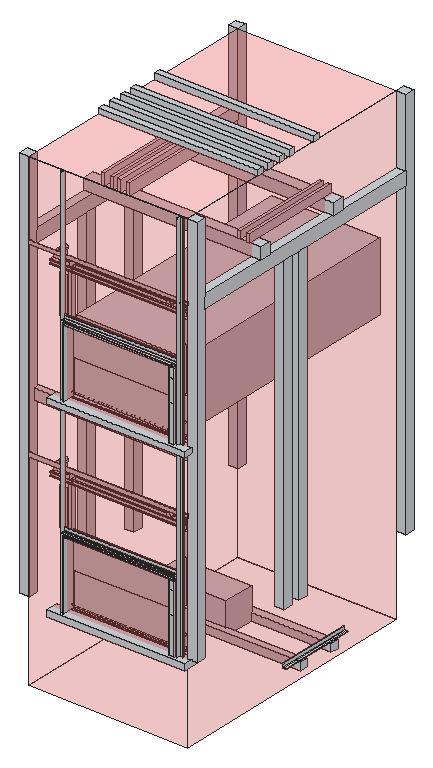
Revit family "SC2600-2U-1方向", category 一般モデル, Revit 2018
Family settings
  鉄筋をホスト可能 = いいえ
  丸型コネクタ寸法 = 直径を使用
  パーツ タイプ = 標準
  作業面ベース = いいえ
  常に垂直 = はい
  ロード時にボイドで切り取り = いいえ
  共有 = いいえ
  部屋計算ポイント = いいえ
Parameters
  昇降行程 = 5000 mm
Reference planes
  plane 1 "レール芯": y = 0
  plane 2 "最下階FL": z = 0
  plane 3 "かご芯": x = 0
  plane 4: z = 5000
  plane 5 "ピット底面": z = -2100
  plane 6: z = 10350
  plane 7: z = 1800
Forms (mm)
  Extrusion 1, solid
    sketch origin (-115, 140, 0) x (1, 0, 0) y (0, 1, 0)
      loop
        line (-2270, 3495) -> (-2270, -3375) -> (1900, -3375) -> (1900, 3495) -> (-2270, 3495)
    from -2100 to 10350
  Extrusion 2, solid
    sketch origin (-188.849, -187.656, 5000) x (1, 0, 0) y (0, 1, 0)
      loop
        line (-1231.151, 3722.656) -> (-1231.151, -2667.344) -> (1608.849, -2667.344) -> (1608.849, 3722.656) -> (-1231.151, 3722.656)
    from 0 to 1800
  Extrusion 3, solid
    sketch origin (-1004.116, 224.003, 75) x (1, 0, 0) y (0, 1, 0)
      loop
        line (-1050.884, 1090.997) -> (-1050.884, 260.997) -> (829.116, 260.997) -> (829.116, 1090.997) -> (-1050.884, 1090.997)
    from -1850 to -1029.5
  Extrusion 4, solid
    sketch origin (-180.164, -13.256, 0) x (1, 0, 0) y (0, 1, 0)
      loop
        line (1965.164, 388.256) -> (1965.164, 138.256) -> (2215.164, 138.256) -> (2215.164, 388.256) -> (1965.164, 388.256)
    from 0 to 8210
  Extrusion 5, solid
    sketch origin (-180.164, -413.256, 0) x (1, 0, 0) y (0, 1, 0)
      loop
        line (1965.164, 288.256) -> (1965.164, 38.256) -> (2215.164, 38.256) -> (2215.164, 288.256) -> (1965.164, 288.256)
    from 0 to 8210
  Extrusion 6, solid
    sketch origin (398.997, -101.31, 0) x (1, 0, 0) y (0, 1, 0)
      loop
        line (-3033.997, 581.31) -> (-3033.997, 331.31) -> (-2783.997, 331.31) -> (-2783.997, 581.31) -> (-3033.997, 581.31)
    from 0 to 8210
  Extrusion 7, solid
    sketch origin (398.997, -1551.31, 0) x (1, 0, 0) y (0, 1, 0)
      loop
        line (-3033.997, 481.31) -> (-3033.997, 231.31) -> (-2783.997, 231.31) -> (-2783.997, 481.31) -> (-3033.997, 481.31)
    from 0 to 8210
  Extrusion 8, solid
    sketch origin (0, -154.792, -183.066) x (0, 1, 0) y (0, 0, 1)
      loop
        line (279.792, 10683.066) -> (279.792, 10533.066) -> (429.792, 10533.066) -> (429.792, 10683.066) -> (279.792, 10683.066)
    from -2385 to 1785
  Extrusion 9, solid
    sketch origin (0, -494.792, -183.066) x (0, 1, 0) y (0, 0, 1)
      loop
        line (279.792, 10683.066) -> (279.792, 10533.066) -> (429.792, 10533.066) -> (429.792, 10683.066) -> (279.792, 10683.066)
    from -2385 to 1785
  Extrusion 10, solid
    sketch origin (0, -859.792, -183.066) x (0, 1, 0) y (0, 0, 1)
      loop
        line (279.792, 10683.066) -> (279.792, 10533.066) -> (429.792, 10533.066) -> (429.792, 10683.066) -> (279.792, 10683.066)
    from -2385 to 1785
  Extrusion 11, solid
    sketch origin (0, 635.208, -183.066) x (0, 1, 0) y (0, 0, 1)
      loop
        line (279.792, 10683.066) -> (279.792, 10533.066) -> (429.792, 10533.066) -> (429.792, 10683.066) -> (279.792, 10683.066)
    from -2385 to 1785
  Extrusion 12, solid
    sketch origin (0, -2237.235, 116.596) x (0, 1, 0) y (0, 0, 1)
      loop
        line (-827.765, 4733.404) -> (-827.765, 4433.404) -> (-677.765, 4433.404) -> (-677.765, 4733.404) -> (-827.765, 4733.404)
    from -2385 to 1785
  Extrusion 13, solid
    sketch origin (122.648, -2138.415, 0) x (-1, 0, 0) y (0, -1, 0)
      loop
        line (-1452.352, 1086.585) -> (-1452.352, 1186.585) -> (-1455.352, 1186.585)
        arc (-1455.352, 1186.585) -> (-1460.302, 1184.535) -> (-1462.352, 1179.585) r 7
        line (-1462.352, 1179.585) -> (-1462.352, 1106.585)
        arc (-1462.352, 1106.585) -> (-1465.281, 1099.514) -> (-1472.352, 1096.585) r 10
        line (-1472.352, 1096.585) -> (-1545.352, 1096.585)
        arc (-1545.352, 1096.585) -> (-1550.302, 1094.535) -> (-1552.352, 1089.585) r 7
        line (-1552.352, 1089.585) -> (-1552.352, 1086.585) -> (-1452.352, 1086.585)
    from 0 to 4850
  Extrusion 14, solid
    sketch origin (77.352, -2138.415, 0) x (1, 0, 0) y (0, 1, 0)
      loop
        line (-1625.352, -1096.585) -> (-1552.352, -1096.585)
        arc (-1552.352, -1096.585) -> (-1545.281, -1099.514) -> (-1542.352, -1106.585) r 10
        line (-1542.352, -1106.585) -> (-1542.352, -1179.585)
        arc (-1542.352, -1179.585) -> (-1540.302, -1184.535) -> (-1535.352, -1186.585) r 7
        line (-1535.352, -1186.585) -> (-1532.352, -1186.585) -> (-1532.352, -1086.585) -> (-1632.352, -1086.585) -> (-1632.352, -1089.585)
        arc (-1632.352, -1089.585) -> (-1630.302, -1094.535) -> (-1625.352, -1096.585) r 7
    from 0 to 4850
  Extrusion 15, solid
    sketch origin (322.648, -2138.415, 5000) x (-1, 0, 0) y (0, -1, 0)
      loop
        arc (-1262.352, 1106.585) -> (-1265.281, 1099.514) -> (-1272.352, 1096.585) r 10
        line (-1272.352, 1096.585) -> (-1345.352, 1096.585)
        arc (-1345.352, 1096.585) -> (-1350.302, 1094.535) -> (-1352.352, 1089.585) r 7
        line (-1352.352, 1089.585) -> (-1352.352, 1086.585) -> (-1252.352, 1086.585) -> (-1252.352, 1186.585) -> (-1255.352, 1186.585)
        arc (-1255.352, 1186.585) -> (-1260.302, 1184.535) -> (-1262.352, 1179.585) r 7
        line (-1262.352, 1179.585) -> (-1262.352, 1106.585)
    from 0 to 5350
  Extrusion 16, solid
    sketch origin (77.352, -2138.415, 5000) x (1, 0, 0) y (0, 1, 0)
      loop
        line (-1625.352, -1096.585) -> (-1552.352, -1096.585)
        arc (-1552.352, -1096.585) -> (-1545.281, -1099.514) -> (-1542.352, -1106.585) r 10
        line (-1542.352, -1106.585) -> (-1542.352, -1179.585)
        arc (-1542.352, -1179.585) -> (-1540.302, -1184.535) -> (-1535.352, -1186.585) r 7
        line (-1535.352, -1186.585) -> (-1532.352, -1186.585) -> (-1532.352, -1086.585) -> (-1632.352, -1086.585) -> (-1632.352, -1089.585)
        arc (-1632.352, -1089.585) -> (-1630.302, -1094.535) -> (-1625.352, -1096.585) r 7
    from 0 to 5350
  Extrusion 17, solid
    sketch origin (90, -5472.272, 1335.614) x (0, 0, -1) y (0, 1, 0)
      loop
        arc (-554.386, 2154.272) -> (-552.335, 2149.322) -> (-547.386, 2147.272) r 7
        line (-547.386, 2147.272) -> (-544.386, 2147.272) -> (-544.386, 2247.272) -> (-644.386, 2247.272) -> (-644.386, 2244.272)
        arc (-644.386, 2244.272) -> (-642.335, 2239.322) -> (-637.386, 2237.272) r 7
        line (-637.386, 2237.272) -> (-564.386, 2237.272)
        arc (-564.386, 2237.272) -> (-557.315, 2234.343) -> (-554.386, 2227.272) r 10
        line (-554.386, 2227.272) -> (-554.386, 2154.272)
    from -1545 to 1485
  Extrusion 18, solid
    sketch origin (398.997, 3303.69, 0) x (1, 0, 0) y (0, 1, 0)
      loop
        line (-3033.997, 581.31) -> (-3033.997, 331.31) -> (-2783.997, 331.31) -> (-2783.997, 581.31) -> (-3033.997, 581.31)
    from 0 to 10350
  Extrusion 19, solid
    sketch origin (24.836, 3496.744, 0) x (1, 0, 0) y (0, 1, 0)
      loop
        line (1760.164, 388.256) -> (1760.164, 138.256) -> (2010.164, 138.256) -> (2010.164, 388.256) -> (1760.164, 388.256)
    from 0 to 10350
  Extrusion 20, solid
    sketch origin (398.997, -3441.31, 0) x (1, 0, 0) y (0, 1, 0)
      loop
        line (-3033.997, 481.31) -> (-3033.997, 231.31) -> (-2783.997, 231.31) -> (-2783.997, 481.31) -> (-3033.997, 481.31)
    from 0 to 10350
  Extrusion 21, solid
    sketch origin (24.836, -3248.256, 0) x (1, 0, 0) y (0, 1, 0)
      loop
        line (1760.164, 288.256) -> (1760.164, 38.256) -> (2010.164, 38.256) -> (2010.164, 288.256) -> (1760.164, 288.256)
    from 0 to 10350
  Extrusion 22, solid
    sketch origin (150, 2016.904, 19.994) x (0, 1, 0) y (0, 0, 1)
      loop
        line (-716.904, -1594.994) -> (-716.904, -1794.994) -> (-516.904, -1794.994) -> (-516.904, -1594.994) -> (-716.904, -1594.994)
    from -2685 to 1785
  Extrusion 23, solid
    sketch origin (150, 1016.904, 19.994) x (0, 1, 0) y (0, 0, 1)
      loop
        line (-716.904, -1594.994) -> (-716.904, -1794.994) -> (-516.904, -1794.994) -> (-516.904, -1594.994) -> (-716.904, -1594.994)
    from -2685 to 1785
  Extrusion 24, solid
    sketch origin (0, -1199.792, -183.066) x (0, 1, 0) y (0, 0, 1)
      loop
        line (279.792, 10683.066) -> (279.792, 10533.066) -> (429.792, 10533.066) -> (429.792, 10683.066) -> (279.792, 10683.066)
    from -2385 to 1785
  Extrusion 25, solid
    sketch origin (0, 466.791, -436.921) x (0, 1, 0) y (0, 0, 1)
      loop
        line (798.209, 9286.921) -> (798.209, 8986.921) -> (1098.209, 8986.921) -> (1098.209, 9286.921) -> (798.209, 9286.921)
    from -2635 to 2035
  Extrusion 26, solid
    sketch origin (0, -1873.209, -436.921) x (0, 1, 0) y (0, 0, 1)
      loop
        line (748.209, 9286.921) -> (748.209, 8986.921) -> (1048.209, 8986.921) -> (1048.209, 9286.921) -> (748.209, 9286.921)
    from -2635 to 2035
  Extrusion 27, solid
    sketch origin (112.993, 0, -304.556) x (1, 0, 0) y (0, 0, 1)
      loop
        line (1672.007, 8854.556) -> (1672.007, 8514.556) -> (1922.007, 8514.556) -> (1922.007, 8854.556) -> (1672.007, 8854.556)
    from -3635 to 2960
  Extrusion 28, solid
    sketch origin (-4307.007, 0, -504.556) x (1, 0, 0) y (0, 0, 1)
      loop
        line (1672.007, 9054.556) -> (1672.007, 8714.556) -> (1922.007, 8714.556) -> (1922.007, 9054.556) -> (1672.007, 9054.556)
    from -3635 to 2960
  Extrusion 29, solid
    sketch origin (90, -5472.272, 5285.614) x (0, 0, -1) y (0, 1, 0)
      loop
        arc (-1604.386, 2154.272) -> (-1602.335, 2149.322) -> (-1597.386, 2147.272) r 7
        line (-1597.386, 2147.272) -> (-1594.386, 2147.272) -> (-1594.386, 2247.272) -> (-1694.386, 2247.272) -> (-1694.386, 2244.272)
        arc (-1694.386, 2244.272) -> (-1692.335, 2239.322) -> (-1687.386, 2237.272) r 7
        line (-1687.386, 2237.272) -> (-1614.386, 2237.272)
        arc (-1614.386, 2237.272) -> (-1607.315, 2234.343) -> (-1604.386, 2227.272) r 10
        line (-1604.386, 2227.272) -> (-1604.386, 2154.272)
    from -1545 to 1485
  Extrusion 30, solid
    sketch origin (0, -1117.728, 5470.614) x (0, 0, -1) y (0, 1, 0)
      loop
        line (-2839.386, -2014.272) -> (-2839.386, -2087.272)
        arc (-2839.386, -2087.272) -> (-2842.315, -2094.343) -> (-2849.386, -2097.272) r 10
        line (-2849.386, -2097.272) -> (-2922.386, -2097.272)
        arc (-2922.386, -2097.272) -> (-2927.335, -2099.322) -> (-2929.386, -2104.272) r 7
        line (-2929.386, -2104.272) -> (-2929.386, -2107.272) -> (-2829.386, -2107.272) -> (-2829.386, -2007.272) -> (-2832.386, -2007.272)
        arc (-2832.386, -2007.272) -> (-2837.335, -2009.322) -> (-2839.386, -2014.272) r 7
    from -2385 to 1785
  Extrusion 31, solid
    sketch origin (-193.115, 1900, 0) x (1, 0, 0) y (0, 0, 1)
      loop
        line (-2201.885, -1482) -> (-2201.885, -1555)
        arc (-2201.885, -1555) -> (-2204.814, -1562.071) -> (-2211.885, -1565) r 10
        line (-2211.885, -1565) -> (-2284.885, -1565)
        arc (-2284.885, -1565) -> (-2289.835, -1567.05) -> (-2291.885, -1572) r 7
        line (-2291.885, -1572) -> (-2291.885, -1575) -> (-2191.885, -1575) -> (-2191.885, -1475) -> (-2194.885, -1475)
        arc (-2194.885, -1475) -> (-2199.835, -1477.05) -> (-2201.885, -1482) r 7
    from 5 to 2000
  Extrusion 32, solid
    sketch origin (-406.885, 1900, 0) x (-1, 0, 0) y (0, 0, -1)
      loop
        arc (-2201.885, 1482) -> (-2199.835, 1477.05) -> (-2194.885, 1475) r 7
        line (-2194.885, 1475) -> (-2191.885, 1475) -> (-2191.885, 1575) -> (-2291.885, 1575) -> (-2291.885, 1572)
        arc (-2291.885, 1572) -> (-2289.835, 1567.05) -> (-2284.885, 1565) r 7
        line (-2284.885, 1565) -> (-2211.885, 1565)
        arc (-2211.885, 1565) -> (-2204.814, 1562.071) -> (-2201.885, 1555) r 10
        line (-2201.885, 1555) -> (-2201.885, 1482)
    from 5 to 2000
  Extrusion 33, solid
    sketch origin (-632.393, 0, -591.596) x (1, 0, 0) y (0, 0, 1)
      loop
        line (2277.393, 9641.596) -> (2277.393, 9441.596) -> (2357.393, 9441.596) -> (2357.393, 9641.596) -> (2277.393, 9641.596)
    from -1565 to 1125
  Extrusion 34, solid
    sketch origin (-862.393, 0, -591.596) x (1, 0, 0) y (0, 0, 1)
      loop
        line (2277.393, 9641.596) -> (2277.393, 9441.596) -> (2357.393, 9441.596) -> (2357.393, 9641.596) -> (2277.393, 9641.596)
    from -1565 to 1125
  Extrusion 35, solid
    sketch origin (-356.32, 0, -654.523) x (1, 0, 0) y (0, 0, 1)
      loop
        line (-1798.68, 9804.523) -> (-1798.68, 9504.523) -> (-1708.68, 9504.523) -> (-1708.68, 9804.523) -> (-1798.68, 9804.523)
    from -1565 to 1125
  Extrusion 36, solid
    sketch origin (-116.32, 0, -654.523) x (1, 0, 0) y (0, 0, 1)
      loop
        line (-1798.68, 9804.523) -> (-1798.68, 9504.523) -> (-1708.68, 9504.523) -> (-1708.68, 9804.523) -> (-1798.68, 9804.523)
    from -1565 to 1125
  Extrusion 37, solid
    sketch origin (63.68, 0, -654.523) x (1, 0, 0) y (0, 0, 1)
      loop
        line (-1798.68, 9804.523) -> (-1798.68, 9504.523) -> (-1708.68, 9504.523) -> (-1708.68, 9804.523) -> (-1798.68, 9804.523)
    from -1565 to 1125
  Extrusion 38, solid
    sketch origin (303.68, 0, -654.523) x (1, 0, 0) y (0, 0, 1)
      loop
        line (-1798.68, 9804.523) -> (-1798.68, 9504.523) -> (-1708.68, 9504.523) -> (-1708.68, 9804.523) -> (-1798.68, 9804.523)
    from -1565 to 1125
  Extrusion 39, solid
    sketch origin (90, -977.728, 2755.614) x (0, 0, -1) y (0, 1, 0)
      loop
        line (-554.386, -2154.272) -> (-554.386, -2227.272)
        arc (-554.386, -2227.272) -> (-557.315, -2234.343) -> (-564.386, -2237.272) r 10
        line (-564.386, -2237.272) -> (-637.386, -2237.272)
        arc (-637.386, -2237.272) -> (-642.335, -2239.322) -> (-644.386, -2244.272) r 7
        line (-644.386, -2244.272) -> (-644.386, -2247.272) -> (-544.386, -2247.272) -> (-544.386, -2147.272) -> (-547.386, -2147.272)
        arc (-547.386, -2147.272) -> (-552.335, -2149.322) -> (-554.386, -2154.272) r 7
    from -2475 to 1695
Dimensions and locks
  "昇降行程": plane 4 to plane 2 "最下階FL"
  locked: plane 6 to plane 4 at 5350
  locked: Extrusion 2 to plane 4 at 1800
  locked: plane 4 to Extrusion 13 at 150
  locked: Extrusion 27 to plane 4 at 3210
  aligned and locked: level to plane 2 "最下階FL"
  aligned and locked: Extrusion 1 to plane 5 "ピット底面"
  aligned and locked: Extrusion 2 to plane 4
  aligned and locked: Extrusion 5 to plane 2 "最下階FL"
  aligned and locked: Extrusion 4 to plane 2 "最下階FL"
  aligned and locked: Extrusion 6 to Extrusion 1
  aligned and locked: Extrusion 7 to Extrusion 1
  aligned and locked: Extrusion 4 to Extrusion 1
  aligned and locked: Extrusion 5 to Extrusion 1
  aligned and locked: Extrusion 6 to plane 2 "最下階FL"
  aligned and locked: Extrusion 7 to plane 2 "最下階FL"
  aligned and locked: Extrusion 8 to Extrusion 1
  aligned and locked: Extrusion 1 to Extrusion 8  (x2)
  aligned and locked: Extrusion 1 to Extrusion 10  (x2)
  aligned and locked: Extrusion 1 to Extrusion 11  (x2)
  aligned and locked: Extrusion 10 to Extrusion 1
  aligned and locked: Extrusion 9 to Extrusion 1
  aligned and locked: Extrusion 11 to Extrusion 1
  aligned and locked: Extrusion 1 to Extrusion 12  (x2)
  aligned and locked: Extrusion 1 to Extrusion 9  (x2)
  aligned and locked: Extrusion 15 to Extrusion 16
  aligned and locked: Extrusion 16 to plane 4
  aligned and locked: Extrusion 15 to plane 4
  aligned and locked: Extrusion 1 to plane 6
  aligned and locked: plane 6 to Extrusion 15
  aligned and locked: plane 6 to Extrusion 16
  aligned and locked: Extrusion 13 to Extrusion 14
  aligned and locked: Extrusion 19 to Extrusion 1
  aligned and locked: Extrusion 1 to Extrusion 21
  aligned and locked: Extrusion 18 to Extrusion 1
  aligned and locked: Extrusion 1 to Extrusion 20
  aligned and locked: Extrusion 4 to Extrusion 27
  aligned and locked: Extrusion 6 to Extrusion 27
  aligned and locked: Extrusion 5 to Extrusion 27
  aligned and locked: Extrusion 7 to Extrusion 27
  aligned and locked: Extrusion 1 to Extrusion 24  (x2)
  aligned and locked: plane 4 to nested 2
Automatic sketch dimensions
  Extrusion 1 sketch curve to plane 3 "かご芯" = 2385 mm
  plane 3 "かご芯" to Extrusion 1 sketch curve = 1785 mm
  plane 1 "レール芯" to Extrusion 1 sketch curve = 3235 mm
  Extrusion 1 sketch curve to plane 1 "レール芯" = 3635 mm
  Extrusion 2 sketch curve to plane 3 "かご芯" = 1420 mm
  plane 3 "かご芯" to Extrusion 2 sketch curve = 1420 mm
  plane 1 "レール芯" to Extrusion 2 sketch curve = 2855 mm
  Extrusion 2 sketch curve to plane 1 "レール芯" = 3535 mm
  Extrusion 3 sketch curve to plane 1 "レール芯" = 485 mm
  Extrusion 3 sketch curve to plane 3 "かご芯" = 2055 mm
  Extrusion 3 sketch curve to plane 3 "かご芯" = 175 mm
  Extrusion 3 sketch curve to Extrusion 3 sketch curve = 830 mm
  Extrusion 4 sketch curve to plane 1 "レール芯" = 125 mm
  plane 3 "かご芯" to Extrusion 4 sketch curve = 1785 mm
  Extrusion 4 sketch curve to Extrusion 4 sketch curve = 250 mm  (x2)
  plane 1 "レール芯" to Extrusion 5 sketch curve = 375 mm
  plane 3 "かご芯" to Extrusion 5 sketch curve = 1785 mm
  Extrusion 5 sketch curve to Extrusion 5 sketch curve = 250 mm
  plane 1 "レール芯" to Extrusion 5 sketch curve = 125 mm
  Extrusion 6 sketch curve to plane 1 "レール芯" = 230 mm
  Extrusion 6 sketch curve to plane 3 "かご芯" = 2635 mm
  Extrusion 6 sketch curve to Extrusion 6 sketch curve = 250 mm  (x2)
  Extrusion 7 sketch curve to plane 3 "かご芯" = 2635 mm
  Extrusion 7 sketch curve to Extrusion 7 sketch curve = 250 mm  (x2)
  plane 1 "レール芯" to Extrusion 7 sketch curve = 1320 mm
  Extrusion 8 sketch curve to plane 6 = 0 mm
  Extrusion 8 sketch curve to plane 1 "レール芯" = 125 mm
  Extrusion 8 sketch curve to Extrusion 8 sketch curve = 150 mm
  plane 6 to Extrusion 8 sketch curve = 150 mm
  Extrusion 9 sketch curve to plane 6 = 0 mm
  plane 1 "レール芯" to Extrusion 9 sketch curve = 215 mm
  plane 1 "レール芯" to Extrusion 9 sketch curve = 65 mm
  plane 6 to Extrusion 9 sketch curve = 150 mm
  Extrusion 10 sketch curve to plane 6 = 0 mm
  plane 1 "レール芯" to Extrusion 10 sketch curve = 580 mm
  Extrusion 10 sketch curve to Extrusion 10 sketch curve = 150 mm
  plane 6 to Extrusion 10 sketch curve = 150 mm
  Extrusion 11 sketch curve to plane 6 = 0 mm
  Extrusion 11 sketch curve to plane 1 "レール芯" = 915 mm
  Extrusion 11 sketch curve to Extrusion 11 sketch curve = 150 mm
  plane 6 to Extrusion 11 sketch curve = 150 mm
  Extrusion 12 sketch curve to plane 4 = 450 mm
  plane 1 "レール芯" to Extrusion 12 sketch curve = 3065 mm
  Extrusion 12 sketch curve to Extrusion 12 sketch curve = 150 mm
  Extrusion 12 sketch curve to plane 4 = 150 mm
  Extrusion 17 sketch curve to plane 7 = 180 mm
  Extrusion 17 sketch curve to Extrusion 17 sketch curve = 7 mm  (x2)
  Extrusion 17 sketch curve to Extrusion 17 sketch curve = 73 mm  (x2)
  Extrusion 17 sketch curve to Extrusion 17 sketch curve = 10 mm
  Extrusion 17 sketch curve to Extrusion 17 sketch curve = 3 mm  (x2)
  plane 1 "レール芯" to Extrusion 17 sketch curve = 3325 mm
  Extrusion 18 sketch curve to plane 3 "かご芯" = 2635 mm
  Extrusion 18 sketch curve to Extrusion 18 sketch curve = 250 mm  (x2)
  Extrusion 18 sketch curve to plane 1 "レール芯" = 3635 mm
  plane 3 "かご芯" to Extrusion 19 sketch curve = 1785 mm
  Extrusion 19 sketch curve to Extrusion 19 sketch curve = 250 mm  (x2)
  Extrusion 19 sketch curve to plane 1 "レール芯" = 3635 mm
  Extrusion 20 sketch curve to plane 3 "かご芯" = 2635 mm
  Extrusion 20 sketch curve to Extrusion 20 sketch curve = 250 mm  (x2)
  plane 1 "レール芯" to Extrusion 20 sketch curve = 3210 mm
  plane 3 "かご芯" to Extrusion 21 sketch curve = 1785 mm
  Extrusion 21 sketch curve to Extrusion 21 sketch curve = 250 mm  (x2)
  plane 1 "レール芯" to Extrusion 21 sketch curve = 3210 mm
  plane 5 "ピット底面" to Extrusion 22 sketch curve = 325 mm
  Extrusion 22 sketch curve to plane 1 "レール芯" = 1300 mm
  Extrusion 22 sketch curve to Extrusion 22 sketch curve = 200 mm  (x2)
  Extrusion 23 sketch curve to plane 1 "レール芯" = 300 mm
  Extrusion 23 sketch curve to Extrusion 23 sketch curve = 200 mm  (x2)
  plane 5 "ピット底面" to Extrusion 23 sketch curve = 325 mm
  Extrusion 24 sketch curve to plane 6 = 0 mm
  plane 1 "レール芯" to Extrusion 24 sketch curve = 920 mm
  Extrusion 24 sketch curve to Extrusion 24 sketch curve = 150 mm
  plane 6 to Extrusion 24 sketch curve = 150 mm
  Extrusion 25 sketch curve to plane 1 "レール芯" = 1265 mm
  Extrusion 25 sketch curve to Extrusion 25 sketch curve = 300 mm  (x2)
  Extrusion 25 sketch curve to plane 6 = 1800 mm
  plane 1 "レール芯" to Extrusion 26 sketch curve = 1125 mm
  Extrusion 26 sketch curve to Extrusion 26 sketch curve = 300 mm  (x2)
  Extrusion 26 sketch curve to plane 6 = 1800 mm
  plane 3 "かご芯" to Extrusion 27 sketch curve = 1785 mm
  Extrusion 27 sketch curve to Extrusion 27 sketch curve = 250 mm
  Extrusion 27 sketch curve to plane 6 = 2140 mm
  Extrusion 27 sketch curve to Extrusion 27 sketch curve = 340 mm
  Extrusion 28 sketch curve to plane 3 "かご芯" = 2635 mm
  Extrusion 28 sketch curve to Extrusion 28 sketch curve = 250 mm
  Extrusion 28 sketch curve to plane 6 = 2140 mm
  Extrusion 28 sketch curve to Extrusion 28 sketch curve = 340 mm
  plane 4 to Extrusion 29 sketch curve = 1980 mm
  Extrusion 29 sketch curve to Extrusion 29 sketch curve = 7 mm  (x2)
  Extrusion 29 sketch curve to Extrusion 29 sketch curve = 73 mm  (x2)
  Extrusion 29 sketch curve to Extrusion 29 sketch curve = 10 mm
  Extrusion 29 sketch curve to Extrusion 29 sketch curve = 3 mm  (x2)
  plane 1 "レール芯" to Extrusion 29 sketch curve = 3325 mm
  plane 6 to Extrusion 30 sketch curve = 1950 mm
  Extrusion 30 sketch curve to Extrusion 30 sketch curve = 7 mm  (x2)
  Extrusion 30 sketch curve to Extrusion 30 sketch curve = 73 mm  (x2)
  Extrusion 30 sketch curve to Extrusion 30 sketch curve = 10 mm
  Extrusion 30 sketch curve to Extrusion 30 sketch curve = 3 mm  (x2)
  Extrusion 30 sketch curve to plane 1 "レール芯" = 3125 mm
  plane 5 "ピット底面" to Extrusion 31 sketch curve = 528 mm
  Extrusion 31 sketch curve to plane 3 "かご芯" = 2485 mm
  Extrusion 31 sketch curve to Extrusion 31 sketch curve = 7 mm  (x2)
  Extrusion 31 sketch curve to Extrusion 31 sketch curve = 73 mm  (x2)
  Extrusion 31 sketch curve to Extrusion 31 sketch curve = 10 mm
  Extrusion 31 sketch curve to Extrusion 31 sketch curve = 3 mm
  Extrusion 31 sketch curve to Extrusion 31 sketch curve = 20 mm
  plane 5 "ピット底面" to Extrusion 32 sketch curve = 528 mm
  plane 3 "かご芯" to Extrusion 32 sketch curve = 1885 mm
  Extrusion 32 sketch curve to Extrusion 32 sketch curve = 7 mm  (x2)
  Extrusion 32 sketch curve to Extrusion 32 sketch curve = 73 mm  (x2)
  Extrusion 32 sketch curve to Extrusion 32 sketch curve = 10 mm
  Extrusion 32 sketch curve to Extrusion 32 sketch curve = 3 mm  (x2)
  plane 3 "かご芯" to Extrusion 33 sketch curve = 1645 mm
  Extrusion 33 sketch curve to Extrusion 33 sketch curve = 80 mm
  Extrusion 33 sketch curve to plane 6 = 1500 mm
  Extrusion 33 sketch curve to Extrusion 33 sketch curve = 200 mm
  plane 3 "かご芯" to Extrusion 34 sketch curve = 1415 mm
  Extrusion 34 sketch curve to Extrusion 34 sketch curve = 80 mm
  Extrusion 34 sketch curve to plane 6 = 1500 mm
  Extrusion 34 sketch curve to Extrusion 34 sketch curve = 200 mm
  Extrusion 35 sketch curve to plane 3 "かご芯" = 2155 mm
  Extrusion 35 sketch curve to Extrusion 35 sketch curve = 90 mm
  Extrusion 35 sketch curve to plane 6 = 1500 mm
  Extrusion 35 sketch curve to Extrusion 35 sketch curve = 300 mm
  Extrusion 36 sketch curve to plane 3 "かご芯" = 1915 mm
  Extrusion 36 sketch curve to Extrusion 36 sketch curve = 90 mm
  Extrusion 36 sketch curve to plane 6 = 1500 mm
  Extrusion 36 sketch curve to Extrusion 36 sketch curve = 300 mm
  Extrusion 37 sketch curve to plane 3 "かご芯" = 1735 mm
  Extrusion 37 sketch curve to Extrusion 37 sketch curve = 90 mm
  Extrusion 37 sketch curve to plane 6 = 1500 mm
  Extrusion 37 sketch curve to Extrusion 37 sketch curve = 300 mm
  Extrusion 38 sketch curve to plane 3 "かご芯" = 1495 mm
  Extrusion 38 sketch curve to Extrusion 38 sketch curve = 90 mm
  Extrusion 38 sketch curve to plane 6 = 1500 mm
  Extrusion 38 sketch curve to Extrusion 38 sketch curve = 300 mm
  Extrusion 39 sketch curve to plane 7 = 1600 mm
  Extrusion 39 sketch curve to Extrusion 39 sketch curve = 7 mm  (x2)
  Extrusion 39 sketch curve to Extrusion 39 sketch curve = 73 mm  (x2)
  Extrusion 39 sketch curve to Extrusion 39 sketch curve = 10 mm
  Extrusion 39 sketch curve to Extrusion 39 sketch curve = 3 mm  (x2)
  plane 1 "レール芯" to Extrusion 39 sketch curve = 3225 mm
  Extrusion 16 sketch curve to plane 3 "かご芯" = 1555 mm
  Extrusion 16 sketch curve to Extrusion 16 sketch curve = 7 mm  (x2)
  Extrusion 16 sketch curve to Extrusion 16 sketch curve = 73 mm  (x2)
  Extrusion 16 sketch curve to Extrusion 16 sketch curve = 10 mm
  Extrusion 16 sketch curve to Extrusion 16 sketch curve = 3 mm  (x2)
  plane 1 "レール芯" to Extrusion 16 sketch curve = 3325 mm
  Extrusion 14 sketch curve to plane 3 "かご芯" = 1555 mm
  Extrusion 14 sketch curve to Extrusion 14 sketch curve = 7 mm  (x2)
  Extrusion 14 sketch curve to Extrusion 14 sketch curve = 73 mm  (x2)
  Extrusion 14 sketch curve to Extrusion 14 sketch curve = 10 mm
  Extrusion 14 sketch curve to Extrusion 14 sketch curve = 3 mm  (x2)
  plane 1 "レール芯" to Extrusion 14 sketch curve = 3325 mm
  Extrusion 15 sketch curve to plane 3 "かご芯" = 1675 mm
  Extrusion 15 sketch curve to Extrusion 15 sketch curve = 7 mm  (x2)
  Extrusion 15 sketch curve to Extrusion 15 sketch curve = 73 mm  (x2)
  Extrusion 15 sketch curve to Extrusion 15 sketch curve = 10 mm
  Extrusion 15 sketch curve to Extrusion 15 sketch curve = 3 mm
  Extrusion 15 sketch curve to plane 1 "レール芯" = 3325 mm
  Extrusion 15 sketch curve to Extrusion 15 sketch curve = 20 mm
  Extrusion 13 sketch curve to plane 3 "かご芯" = 1675 mm
  Extrusion 13 sketch curve to Extrusion 13 sketch curve = 7 mm  (x2)
  Extrusion 13 sketch curve to Extrusion 13 sketch curve = 73 mm  (x2)
  Extrusion 13 sketch curve to Extrusion 13 sketch curve = 10 mm
  Extrusion 13 sketch curve to Extrusion 13 sketch curve = 3 mm
  Extrusion 13 sketch curve to plane 1 "レール芯" = 3325 mm
  Extrusion 13 sketch curve to Extrusion 13 sketch curve = 20 mm
Nested families
  nested 1: "2U" at (0, -2885, 0), type "2U"
    with 戸袋 1220 mm, 壁外～敷居先端 450 mm, 出入口高さ 1800 mm, 出入口幅 2750 mm
  nested 2: "2U" at (0, -2885, 5000), type "2U"
    with 戸袋 1220 mm, 壁外～敷居先端 450 mm, 出入口高さ 1800 mm, 出入口幅 2750 mm
Definition of nested family "2U"
  Parameters (values of type "2U")
    戸袋 = 1570 mm
    壁外～敷居先端 = 470 mm
    出入口高さ = 2500 mm
    出入口幅 = 2500 mm
  Reference planes
    plane 1 "敷居先端": y = 0
    plane 2: z = 0
    plane 3 "中心(左/右)": x = 0
    plane 4: x = 1250
    plane 5: x = -1250
    plane 6: z = 2500
    plane 7: z = 1250
    plane 8 "出入口高さ": z = 4070
    plane 9: z = 4050
    plane 10: x = 989
    plane 11: z = 4080
    plane 12: x = -1406
    plane 13: z = 4172.5
    plane 14: x = -1830
    plane 15: x = -1735
    plane 16: z = 4230
    plane 17: z = 2570
    plane 18: y = -470
    plane 19: x = -1330
    plane 20: x = 1450
    plane 21: z = 2580
  Forms (mm)
    Extrusion 1, solid
      sketch origin (0, 0, 0) x (1, 0, 0) y (0, 1, 0)
        loop
          line (-1270, -45) -> (-1270, -87) -> (1270, -87) -> (1270, -45) -> (-1270, -45)
      from 0 to 1280
    Extrusion 2, solid
      sketch origin (0, 0, 0) x (1, 0, 0) y (0, 1, 0)
        loop
          line (-1270, -95) -> (-1270, -137) -> (1270, -137) -> (1270, -95) -> (-1270, -95)
      from 1250 to 2530
    Extrusion 3, solid
      sketch origin (0, 0, 0) x (1, 0, 0) y (0, 1, 0)
        loop
          line (-1300, -145) -> (-1300, -146.6) -> (-1251.6, -146.6) -> (-1251.6, -478.4) -> (-1278.4, -478.4) -> (-1278.4, -450) -> (-1280, -450) -> (-1280, -480) -> (-1250, -480) -> (-1250, -145) -> (-1300, -145)
      from 0 to 2500
    Extrusion 4, solid
      sketch origin (0, 0, 0) x (1, 0, 0) y (0, 1, 0)
        loop
          line (1300, -145) -> (1250, -145) -> (1250, -480) -> (1400, -480) -> (1400, -450) -> (1398.4, -450) -> (1398.4, -478.4) -> (1251.6, -478.4) -> (1251.6, -146.6) -> (1300, -146.6) -> (1300, -145)
      from 0 to 2500
    Extrusion 5, solid
      sketch origin (0, 0, -10) x (0, 1, 0) y (0, 0, 1)
        loop
          line (-30, 10) -> (-570, 10) -> (-570, -140) -> (-30, -140) -> (-30, 10)
      from -1750 to 1750
    Extrusion 6, void
      sketch origin (0, 0, 0) x (0, 1, 0) y (0, 0, 1)
        loop
          line (-230, 0) -> (-230, -60) -> (-30, -60) -> (-30, 0) -> (-230, 0)
      from -1750 to 1750
    Extrusion 7, solid
      sketch origin (0, 0, 0) x (0, 1, 0) y (0, 0, 1)
        loop
          line (-155, 0) -> (-155, -4.5) -> (0, -4.5) -> (0, 0) -> (-155, 0)
      from -1412 to 1412
    Extrusion 8, solid
      sketch origin (0, 0, 0) x (0, 1, 0) y (0, 0, 1)
        loop
          arc (-150, -14) -> (-148.682, -10.818) -> (-145.5, -9.5) r 4.5
          line (-145.5, -9.5) -> (-118, -9.5)
          arc (-118, -9.5) -> (-115.879, -8.621) -> (-115, -6.5) r 3
          line (-115, -6.5) -> (-115, -4.5) -> (-155, -4.5) -> (-155, -44.5) -> (-153, -44.5)
          arc (-153, -44.5) -> (-150.879, -43.621) -> (-150, -41.5) r 3
          line (-150, -41.5) -> (-150, -14)
      from -1412 to 1412
    Extrusion 9, solid
      sketch origin (0, 0, 0) x (0, 1, 0) y (0, 0, 1)
        loop
          line (-10, -14) -> (-10, -41.5)
          arc (-10, -41.5) -> (-9.121, -43.621) -> (-7, -44.5) r 3
          line (-7, -44.5) -> (-5, -44.5) -> (-5, -4.5) -> (-45, -4.5) -> (-45, -6.5)
          arc (-45, -6.5) -> (-44.121, -8.621) -> (-42, -9.5) r 3
          line (-42, -9.5) -> (-14.5, -9.5)
          arc (-14.5, -9.5) -> (-11.318, -10.818) -> (-10, -14) r 4.5
      from -1412 to 1412
    Extrusion 10, solid
      sketch origin (0, 0, 0) x (0, 1, 0) y (0, 0, 1)
        loop
          line (-40.028, 3970) -> (0, 3970) -> (0, 3974.5) -> (-35.5, 3974.5) -> (-35.5, 4065.5) -> (0, 4065.5) -> (0, 4070) -> (-40.028, 4070) -> (-40.028, 3970)
      from -1830 to 1362
    Extrusion 11, solid
      sketch origin (0, 0, 0) x (0, 1, 0) y (0, 0, 1)
        loop
          line (-175, 4076) -> (-175, 4070) -> (125, 4070) -> (125, 4076) -> (-175, 4076)
      from -1830 to -1640
    Extrusion 12, solid
      sketch origin (0, 0, 0) x (0, 1, 0) y (0, 0, 1)
        loop
          line (-450, 2530) -> (-480, 2530) -> (-480, 2500) -> (-145, 2500) -> (-145, 2501.6) -> (-478.4, 2501.6) -> (-478.4, 2528.4) -> (-450, 2528.4) -> (-450, 2530)
      from -1280 to 1400
    Extrusion 13, solid
      sketch origin (-22.601, -148.434, 0) x (1, 0, 0) y (0, 1, 0)
        loop
          line (1312.601, 108.406) -> (1312.601, 8.406) -> (1384.601, 8.406) -> (1384.601, 108.406) -> (1312.601, 108.406)
      from 0 to 4070
    Extrusion 14, solid
      sketch origin (-3174.601, -148.434, 0) x (1, 0, 0) y (0, 1, 0)
        loop
          line (1812.601, 108.406) -> (1812.601, 8.406) -> (1884.601, 8.406) -> (1884.601, 108.406) -> (1812.601, 108.406)
      from 0 to 4070
    Extrusion 15, solid
      sketch origin (0, 0, 0) x (-1, 0, 0) y (0, 0, -1)
        loop
          circle (-989, -4080) r 61
      from 65 to 115
    Extrusion 16, solid
      sketch origin (0, 0, 0) x (1, 0, 0) y (0, 0, 1)
        loop
          circle (-1406, 4172.5) r 81
      from 65 to 135
    Extrusion 17, solid
      sketch origin (0, 0, 0) x (1, 0, 0) y (0, 0, 1)
        loop
          circle (-1735, 4230) r 60
      from -205.9 to 20.6
    Extrusion 18, solid
      sketch origin (0, 0, 3250) x (1, 0, 0) y (0, 1, 0)
        loop
          line (-1587, -12) -> (-1587, -168) -> (-1387, -168) -> (-1387, -12) -> (-1587, -12)
      from -750 to 250
    Extrusion 19, solid
      sketch origin (229.034, -29.566, 4076) x (1, 0, 0) y (0, 1, 0)
        loop
          line (-2054.034, 154.566) -> (-2054.034, -45.434) -> (-1874.034, -45.434) -> (-1874.034, 154.566) -> (-2054.034, 154.566)
      from 0 to 154
    Extrusion 20, solid
      sketch origin (2782.417, -417.994, 75) x (1, 0, 0) y (0, 1, 0)
        loop
          line (-1420.417, 373.067) -> (-1420.417, 283.067) -> (-1382.217, 283.067) -> (-1382.217, 373.067) -> (-1420.417, 373.067)
      from 0 to 255
    Extrusion 21, solid
      sketch origin (-286.199, -145.163, 430) x (1, 0, 0) y (0, 1, 0)
        loop
          line (1648.199, 95.235) -> (1648.199, 15.235) -> (1778.199, 15.235) -> (1778.199, 95.235) -> (1648.199, 95.235)
      from 0 to 600
    Extrusion 22, solid
      sketch origin (-286.199, -145.163, 2930) x (1, 0, 0) y (0, 1, 0)
        loop
          line (1648.199, 95.235) -> (1648.199, 15.235) -> (1778.199, 15.235) -> (1778.199, 95.235) -> (1648.199, 95.235)
      from 0 to 600
    Extrusion 23, solid
      sketch origin (142.65, 0, -207.206) x (1, 0, 0) y (0, 0, 1)
        loop
          line (-1638.65, 4379.706) -> (-1638.65, 4277.206) -> (-1458.65, 4277.206) -> (-1458.65, 4379.706) -> (-1638.65, 4379.706)
      from 0 to 180.055
    Extrusion 24, solid
      sketch origin (520, -163, 962.5) x (1, 0, 0) y (0, 1, 0)
        loop
          line (740, -317) -> (740, -320) -> (870, -320) -> (870, -317) -> (740, -317)
      from 0 to 590
    Extrusion 25, solid
      sketch origin (0, -180.055, 0) x (0, -1, 0) y (0, 0, -1)
        loop
          line (-40.028, -3970) -> (-40.028, -4070) -> (0, -4070) -> (0, -4065.5) -> (-35.5, -4065.5) -> (-35.5, -3974.5) -> (0, -3974.5) -> (0, -3970) -> (-40.028, -3970)
      from -1830 to 1362
  Cuts and joins
    Extrusion 6 cuts Extrusion 1
    Extrusion 6 cuts Extrusion 5
  Lines and regions (mm)
    reference lines
      curve 1: line (1250, -10, 0) -> (1362, -10, 0)
    symbolic lines
      curve 2: line (0, -480, 0) -> (0, -145, 0)
  Dimensions and locks
    "出入口幅": plane 5 to plane 4
    equal spacing: plane 5, plane 3 "中心(左/右)", plane 4
    "出入口高さ": plane 6 to level
    equal spacing: plane 6, plane 7, level
    locked: Extrusion 2 to plane 6 at 30
    locked: Extrusion 1 to plane 7 at 30
    locked: plane 4 to Extrusion 1 at 20
    locked: Extrusion 2 to plane 5 at 20
    locked: plane 4 to Extrusion 7 at 162
    locked: Extrusion 7 to plane 5 at 162
    "戸袋": plane 8 "出入口高さ" to plane 6
    locked: plane 4 to Extrusion 10 at 112
    locked: plane 9 to plane 8 "出入口高さ" at 20
    locked: Extrusion 12 to plane 5 at 30
    locked: plane 4 to Extrusion 12 at 150
    locked: plane 11 to plane 8 "出入口高さ" at 10
    locked: plane 4 to plane 10 at 261
    locked: plane 13 to plane 8 "出入口高さ" at 102.5
    locked: plane 14 to Extrusion 11 at 190
    locked: plane 14 to plane 5 at 580
    locked: plane 14 to plane 12 at 424
    locked: plane 16 to plane 8 "出入口高さ" at 160
    locked: plane 14 to plane 15 at 95
    locked: plane 4 to cut or joined group of Extrusion 5, Extrusion 6 at 500
    cut or joined group of Extrusion 5, Extrusion 6 to plane 5 = 500 mm
    locked: plane 6 to plane 17 at 70
    locked: plane 18 to Extrusion 3 at 10
    locked: plane 18 to Extrusion 4 at 10
    locked: plane 18 to cut or joined group of Extrusion 5, Extrusion 6 at 100
    locked: Extrusion 12 to plane 18 at 10
    locked: Extrusion 18 to plane 6 at 1000
    locked: Extrusion 22 to Extrusion 22 at 600
    locked: plane 6 to Extrusion 22 at 430
    locked: Extrusion 11 to plane 8 "出入口高さ" at 6
    locked: plane 16 to Extrusion 11 at 154
    locked: cut or joined group of Extrusion 5, Extrusion 6 to cut or joined group of Extrusion 5, Extrusion 6 at 200
    locked: plane 19 to plane 5 at 80
    locked: plane 4 to plane 20 at 200
    locked: plane 21 to plane 6 at 80
    "壁外～敷居先端": plane 18 to plane 1 "敷居先端"
    aligned and locked: level to plane 2
    aligned and locked: Extrusion 2 to plane 7
    aligned and locked: plane 5 to Extrusion 3
    aligned and locked: plane 4 to Extrusion 4
    aligned and locked: plane 6 to Extrusion 4
    aligned and locked: Extrusion 4 to plane 6
    aligned and locked: plane 6 to Extrusion 3
    aligned and locked: Extrusion 7 to plane 1 "敷居先端"
    aligned and locked: Extrusion 7 to Extrusion 8  (x2)
    aligned and locked: Extrusion 7 to Extrusion 9  (x2)
    aligned and locked: Extrusion 8 to Extrusion 7
    aligned and locked: plane 8 "出入口高さ" to Extrusion 10
    aligned and locked: Extrusion 11 to Extrusion 10
    aligned and locked: Extrusion 12 to plane 6
    aligned and locked: Extrusion 12 to Extrusion 3
    aligned and locked: Extrusion 12 to Extrusion 4
    aligned and locked: Extrusion 13 to level
    aligned and locked: Extrusion 14 to level
    aligned and locked: plane 11 to Extrusion 15
    aligned and locked: Extrusion 16 to plane 13
    aligned and locked: plane 14 to Extrusion 11
    aligned and locked: plane 14 to Extrusion 10
    aligned and locked: Extrusion 17 to plane 16
    aligned and locked: cut or joined group of Extrusion 5, Extrusion 6 to cut or joined group of Extrusion 5, Extrusion 6  (x4)
    aligned and locked: cut or joined group of Extrusion 5, Extrusion 6 to Extrusion 6
    aligned and locked: Extrusion 6 to cut or joined group of Extrusion 5, Extrusion 6
    aligned and locked: Extrusion 18 to plane 6
    aligned and locked: Extrusion 19 to plane 16
    aligned and locked: Extrusion 19 to Extrusion 11
    aligned and locked: Extrusion 20 to Extrusion 13
    aligned and locked: Extrusion 21 to Extrusion 13
    aligned and locked: Extrusion 23 to plane 13
    aligned and locked: Extrusion 11 to plane 8 "出入口高さ"
    aligned and locked: plane 8 "出入口高さ" to Extrusion 13
    aligned and locked: plane 8 "出入口高さ" to Extrusion 14
    aligned and locked: Extrusion 25 to Extrusion 10  (x2)
  Automatic sketch dimensions
    plane 1 "敷居先端" to curve 2 = 145 mm
    Extrusion 1 sketch curve to plane 5 = 20 mm
    Extrusion 1 sketch curve to plane 4 = 20 mm
    plane 1 "敷居先端" to Extrusion 1 sketch curve = 87 mm
    Extrusion 1 sketch curve to Extrusion 1 sketch curve = 42 mm
    Extrusion 2 sketch curve to plane 5 = 20 mm
    Extrusion 2 sketch curve to plane 4 = 20 mm
    plane 1 "敷居先端" to Extrusion 2 sketch curve = 137 mm
    Extrusion 2 sketch curve to Extrusion 2 sketch curve = 42 mm
    Extrusion 3 sketch curve to plane 5 = 0 mm
    Extrusion 3 sketch curve to plane 5 = 1.6 mm
    Extrusion 3 sketch curve to plane 18 = 8.4 mm
    Extrusion 3 sketch curve to Extrusion 3 sketch curve = 26.8 mm
    Extrusion 3 sketch curve to Extrusion 3 sketch curve = 1.6 mm  (x3)
    Extrusion 3 sketch curve to plane 19 = 30 mm
    plane 18 to Extrusion 3 sketch curve = 20 mm
    plane 1 "敷居先端" to Extrusion 3 sketch curve = 146.6 mm
    Extrusion 4 sketch curve to plane 4 = 0 mm
    Extrusion 4 sketch curve to plane 4 = 1.6 mm
    Extrusion 4 sketch curve to Extrusion 4 sketch curve = 48.4 mm
    Extrusion 4 sketch curve to plane 18 = 8.4 mm
    plane 20 to Extrusion 4 sketch curve = 51.6 mm
    Extrusion 4 sketch curve to Extrusion 4 sketch curve = 1.6 mm  (x3)
    plane 18 to Extrusion 4 sketch curve = 20 mm
    plane 1 "敷居先端" to Extrusion 4 sketch curve = 146.6 mm
    Extrusion 5 sketch curve to level = 0 mm
    Extrusion 5 sketch curve to plane 18 = 100 mm
    plane 1 "敷居先端" to Extrusion 5 sketch curve = 30 mm
    Extrusion 5 sketch curve to level = 150 mm
    Extrusion 6 sketch curve to level = 0 mm
    Extrusion 6 sketch curve to level = 60 mm
    plane 1 "敷居先端" to Extrusion 6 sketch curve = 30 mm
    Extrusion 7 sketch curve to level = 0 mm
    Extrusion 7 sketch curve to plane 1 "敷居先端" = 0 mm
    plane 1 "敷居先端" to Extrusion 7 sketch curve = 155 mm
    Extrusion 7 sketch curve to level = 4.5 mm
    Extrusion 8 sketch curve to level = 4.5 mm
    plane 1 "敷居先端" to Extrusion 8 sketch curve = 155 mm
    Extrusion 8 sketch curve to Extrusion 8 sketch curve = 2 mm
    Extrusion 8 sketch curve to Extrusion 8 sketch curve = 3 mm  (x2)
    Extrusion 8 sketch curve to Extrusion 8 sketch curve = 4.5 mm
    Extrusion 8 sketch curve to level = 6.5 mm
    Extrusion 8 sketch curve to Extrusion 8 sketch curve = 27.5 mm  (x2)
    Extrusion 9 sketch curve to level = 4.5 mm
    plane 1 "敷居先端" to Extrusion 9 sketch curve = 45 mm
    Extrusion 9 sketch curve to Extrusion 9 sketch curve = 3 mm  (x2)
    Extrusion 9 sketch curve to level = 9.5 mm
    plane 1 "敷居先端" to Extrusion 9 sketch curve = 14.5 mm
    plane 1 "敷居先端" to Extrusion 9 sketch curve = 10 mm
    Extrusion 9 sketch curve to Extrusion 9 sketch curve = 2 mm
    Extrusion 9 sketch curve to Extrusion 9 sketch curve = 27.5 mm
    Extrusion 10 sketch curve to plane 8 "出入口高さ" = 0 mm
    Extrusion 10 sketch curve to plane 1 "敷居先端" = 0 mm  (x2)
    Extrusion 10 sketch curve to plane 8 "出入口高さ" = 4.5 mm
    plane 1 "敷居先端" to Extrusion 10 sketch curve = 35.5 mm
    Extrusion 10 sketch curve to Extrusion 10 sketch curve = 4.528 mm
    plane 9 to Extrusion 10 sketch curve = 75.5 mm
    Extrusion 10 sketch curve to Extrusion 10 sketch curve = 4.5 mm
    curve 1 to plane 4 = 0 mm
    plane 1 "敷居先端" to curve 1 = 10 mm
    plane 20 to curve 1 = 88 mm
    Extrusion 11 sketch curve to plane 8 "出入口高さ" = 0 mm
    plane 1 "敷居先端" to Extrusion 11 sketch curve = 175 mm
    Extrusion 11 sketch curve to plane 1 "敷居先端" = 125 mm
    Extrusion 11 sketch curve to plane 11 = 4 mm
    Extrusion 12 sketch curve to plane 6 = 0 mm
    Extrusion 12 sketch curve to plane 18 = 10 mm
    Extrusion 12 sketch curve to Extrusion 12 sketch curve = 1.6 mm  (x2)
    plane 18 to Extrusion 12 sketch curve = 20 mm
    plane 1 "敷居先端" to Extrusion 12 sketch curve = 145 mm
    plane 6 to Extrusion 12 sketch curve = 1.6 mm
    Extrusion 12 sketch curve to Extrusion 12 sketch curve = 26.8 mm
    Extrusion 13 sketch curve to plane 4 = 40 mm
    Extrusion 13 sketch curve to Extrusion 13 sketch curve = 72 mm
    plane 1 "敷居先端" to Extrusion 13 sketch curve = 140.028 mm
    plane 1 "敷居先端" to Extrusion 13 sketch curve = 40.028 mm
    plane 19 to Extrusion 14 sketch curve = 32 mm
    Extrusion 14 sketch curve to plane 5 = 40 mm
    plane 1 "敷居先端" to Extrusion 14 sketch curve = 140.028 mm
    plane 1 "敷居先端" to Extrusion 14 sketch curve = 40.028 mm
    Extrusion 15 sketch curve to plane 10 = 0 mm
    Extrusion 15 sketch curve to plane 11 = 0 mm
    plane 12 to Extrusion 16 sketch curve = 0 mm
    Extrusion 16 sketch curve to plane 13 = 0 mm
    Extrusion 17 sketch curve to plane 15 = 0 mm
    Extrusion 17 sketch curve to plane 16 = 0 mm
    plane 15 to Extrusion 18 sketch curve = 148 mm
    Extrusion 18 sketch curve to plane 12 = 19 mm
    plane 1 "敷居先端" to Extrusion 18 sketch curve = 168 mm
    plane 1 "敷居先端" to Extrusion 18 sketch curve = 12 mm
    Extrusion 19 sketch curve to plane 14 = 5 mm
    plane 15 to Extrusion 19 sketch curve = 90 mm
    plane 1 "敷居先端" to Extrusion 19 sketch curve = 75 mm
    Extrusion 19 sketch curve to plane 1 "敷居先端" = 125 mm
    plane 20 to Extrusion 20 sketch curve = 88 mm
    Extrusion 20 sketch curve to Extrusion 20 sketch curve = 38.2 mm
    plane 1 "敷居先端" to Extrusion 20 sketch curve = 134.928 mm
    plane 1 "敷居先端" to Extrusion 20 sketch curve = 44.928 mm
    plane 20 to Extrusion 21 sketch curve = 88 mm
    Extrusion 21 sketch curve to plane 20 = 42 mm
    plane 1 "敷居先端" to Extrusion 21 sketch curve = 129.928 mm
    plane 1 "敷居先端" to Extrusion 21 sketch curve = 49.928 mm
    plane 20 to Extrusion 22 sketch curve = 88 mm
    Extrusion 22 sketch curve to plane 20 = 42 mm
    plane 1 "敷居先端" to Extrusion 22 sketch curve = 129.928 mm
    plane 1 "敷居先端" to Extrusion 22 sketch curve = 49.928 mm
    Extrusion 23 sketch curve to plane 8 "出入口高さ" = 0 mm
    Extrusion 23 sketch curve to plane 13 = 0 mm
    plane 12 to Extrusion 23 sketch curve = 90 mm
    Extrusion 23 sketch curve to plane 19 = 14 mm
    Extrusion 24 sketch curve to plane 4 = 10 mm
    Extrusion 24 sketch curve to plane 18 = 13 mm
    plane 20 to Extrusion 24 sketch curve = 60 mm
    Extrusion 24 sketch curve to Extrusion 24 sketch curve = 3 mm
    Extrusion 25 sketch curve to plane 8 "出入口高さ" = 0 mm
    Extrusion 25 sketch curve to plane 1 "敷居先端" = 140.028 mm
    Extrusion 25 sketch curve to Extrusion 25 sketch curve = 4.528 mm
    plane 8 "出入口高さ" to Extrusion 25 sketch curve = 4.5 mm
    Extrusion 25 sketch curve to Extrusion 25 sketch curve = 35.5 mm  (x2)
    Extrusion 25 sketch curve to plane 9 = 75.5 mm
    Extrusion 25 sketch curve to Extrusion 25 sketch curve = 4.5 mm
    Extrusion 6 sketch curve to Extrusion 6 sketch curve = 200 mm
    curve 2 to level = 0 mm
    curve 2 to plane 18 = 10 mm
    radius of Extrusion 15 sketch curve = 61 mm
    radius of Extrusion 16 sketch curve = 81 mm
    radius of Extrusion 17 sketch curve = 60 mm
